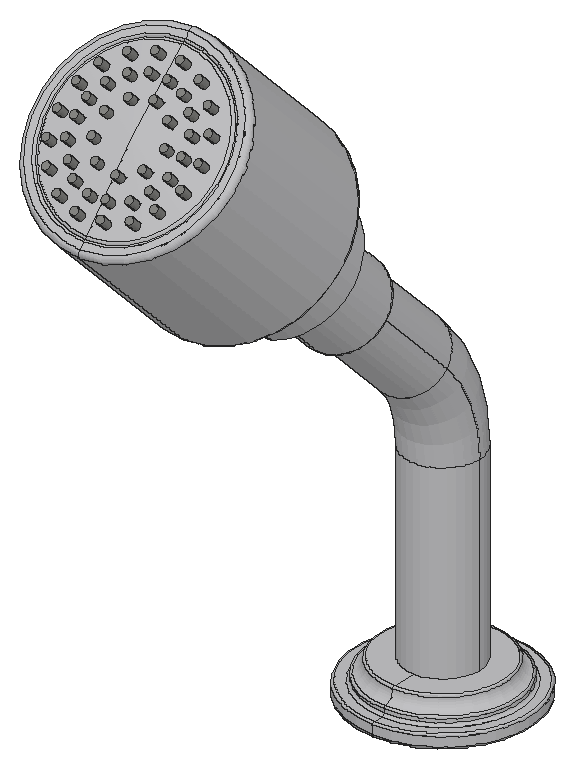
Revit family "Shower-Showerhead_Kit-KALLISTA-CENTRAL_PARK_WEST-P21386_1", category Plumbing Fixtures, host Face, Revit 2022
Family settings
  Host = Face
  Round Connector Dimension = Use Diameter
  Part Type = Normal
  OmniClass Number = 23.31.11.00
  OmniClass Title = Faucets
  Cut with Voids When Loaded = No
  Maintain Annotation Orientation = No
  Shared = No
  Room Calculation Point = No
Parameters (values of type "CP-Chrome")
  Width = 2.3622"  # constant formula
  WaterSense Certified = 1 = 1  # yes
  Waste Water Outlet = "Waste Water Outlet"  # constant formula
  Waste Connection = 1 = 0  # no
  Vent Connection = 1 = 0  # no
  URL = "https://www.kallista.com/"
  Type = 1
  Tempered Water Inlet = "Tempered Water Inlet"  # constant formula
  Product Page URL = "https://www.kallista.com/bathroom/showering/showerheads/central-park-west-showerhead-with-arm-p21386-00-cp"
  Product Name = "Centra Park West"  # constant formula
  Product Documentation Link = "https://resources.kohler.com/interiors/kallista/pdf/1377357-4.pdf"
  Pressure = 80.00 psi  # constant formula
  Model = if(Type = 1, " P21386-00-CP", if(Type = 2, " P21386-00-ULB", if(Type = 3, " P21386-00-SN", if(Type = 4, "P21386-00-BV", if(Type = 5, " P21386-00-BN", if(Type = 6, " P21386-00-BAF", "NA"))))))  # " P21386-00-CP"
  Material = "Premium Metal Construction"  # constant formula
  Master Format 2014 Name = "Residential Faucets, Supplies, and Trim"  # constant formula
  Master Format 2014 = "22 41 39"  # constant formula
  Manufacturer Address = "444 Highland Dr, Kohler, WI 53044"  # constant formula
  Manufacturer = "Kallista Co."  # constant formula
  Length = 7.71654"  # constant formula
  Hot Water Inlet = "Hot Water Inlet"  # constant formula
  Height = 4.44882"  # constant formula
  HW Connection = 1 = 1  # yes
  Flow Rate = 1.75 GPM  # constant formula
  Finish = Kallista-Metal-CP-Chrome
  Environmental Product Declaration = ""
  Drain Included = 1 = 0  # no
  Description = "Showerhead With Arm"  # constant formula
  Default Elevation = 72"
  Declare Label = ""
  Date Modified = "06/07/2022"  # constant formula
  Date Created = "06/07/2022"  # constant formula
  Copyright = "Copyright Kallista Co."  # constant formula
  Contact Us = "https://www.kallista.com/corporate/contact-us/"
  Cold Water Inlet = "Cold Water Inlet"  # constant formula
  CW Connection = 1 = 0  # no
  Assembly Code = "D2010"
  ADA Compliant = 1 = 0  # no
Types (7): name | Type | Product Page URL | Model | Finish
  (no name) | 1 | "https://www.kallista.com/bathroom/showering/showerheads/central-park-west-showerhead-with-arm-p21386-00-cp" | " P21386-00-CP" | Kallista-Metal-CP-Chrome
  CP-Chrome | 1 | "https://www.kallista.com/bathroom/showering/showerheads/central-park-west-showerhead-with-arm-p21386-00-cp" | " P21386-00-CP" | Kallista-Metal-CP-Chrome
  ULB-Unlaquered Brass | 2 | "https://www.kallista.com/bathroom/showering/showerheads/central-park-west-showerhead-with-arm-p21386-00-ulb" | " P21386-00-ULB" | Kallista-Metal-ULB-Unlaquered_Brass
  SN-Polished Nickel | 3 | "https://www.kallista.com/bathroom/showering/showerheads/central-park-west-showerhead-with-arm-p21386-00-sn" | " P21386-00-SN" | Kallista-Metal-SN-Polished_Nickel
  BV-Brushed Bronze | 4 | "https://www.kallista.com/bathroom/showering/showerheads/central-park-west-showerhead-with-arm-p21386-00-bv" | "P21386-00-BV" | Kallista-Metal-BV-Brushed_Bronze
  BN-Brushed Nickel | 5 | "https://www.kallista.com/bathroom/showering/showerheads/central-park-west-showerhead-with-arm-p21386-00-bv" | " P21386-00-BN" | Kallista-Metal-BN-Brushed_Nickel
  BAF-Brushed French Gold | 6 | "https://www.kallista.com/bathroom/showering/showerheads/central-park-west-showerhead-with-arm-p21386-00-bv" | " P21386-00-BAF" | Kallista-Metal-BAF-Brushed_French_Gold
Reference planes (in)
  plane 1 "Center (Front/Back)": y = 0
  plane 2: z = 0
  plane 3 "Center (Left/Right)": x = 0
  plane 4: x = 1.1811
  plane 5: x = -1.1811
  plane 6: y = 1.1811
  plane 7: y = -5.27559
  plane 8: z = 7.71654
  plane 9: through (0, -5.30006, 6.8933) normal (0, -0.7071, -0.7071)
  plane 10: through (0, -3.57103, 8.44925) normal (0, -0.7071, -0.7071)
  plane 11: y = -1.1811
  plane 12: through (0, -5.21352, 8.44925) normal (0, -0.7071, -0.7071)
  plane 13: z = 7.71654
  plane 14: z = 0.3937
  plane 15: y = -4.44882
  plane 16: y = 1.00394
  plane 17: x = 1.00394
  plane 18: x = -1.00394
  plane 19: y = -1.00394
  plane 20: z = 8.4252
Dimensions and locks (in)
  plane 9 to plane 10 = 2.32283"
  "Length": host face to plane 8
  "Length": plane 13 to plane 2
  "Height": plane 1 "Center (Front/Back)" to plane 15
  "Width": plane 5 to plane 4
  locked: plane 18 to plane 17 at 2.00787
  locked: plane 16 to plane 19 at 2.00787
  aligned and locked: plane 2 to host face
  aligned and locked: level to host face
  aligned and locked: plane 3 "Center (Left/Right)" to nested 1
  aligned and locked: plane 1 "Center (Front/Back)" to nested 1
Automatic sketch dimensions
  host sketch curve to host sketch curve = 96"  (x2)
Nested families (in)
  nested 1: "P21386" at (0, 0, 0), type "P21386"
Connectors (in)
  piping at (0, 0, 0), diameter 0.5, driven by "Flow Rate", driven by "Pressure", driven by "HW Connection", driven by "Tempered Water Inlet"
    settings: on nested 1, index 1, connector inside diameter 24", connector length 0", flow factor 0, pipe flow 1.75 GPM, pressure drop 80.00 psi, fitting loss kfactor 0, connector angle 0.00°, fixture units 0, engagement length 0", angle of deflection 0.00°, flow configuration 1, flow direction 1, fitting loss method 4, system type 19, joint type 0, gender type 0, connector reference index -1, connector utility 1, adjustable connector no, is connector primary yes, connector description "Tempered Water Inlet"
Definition of nested family "P21386"
  Parameters
    Material = none
    Default Elevation = 0"
  Reference planes (in)
    plane 1 "Center (Front/Back)": y = 0
    plane 2: z = 0
    plane 3 "Center (Left/Right)": x = 0
    plane 4: x = -1.1811
    plane 5: x = 1.1811
    plane 6: y = -1.1811
    plane 7: y = 1.1811
    plane 8: z = 8.4252
    plane 9: z = 0.3937
    plane 10: y = -5.27559
    plane 11: through (0, 0.28297, 2.95276) normal (0, 0.7071, 0.7071)
    plane 12: through (0, 1.10422, 3.774) normal (0, 0.7071, 0.7071)
    plane 13: through (0, -0.53827, 2.13151) normal (0, 0.7071, 0.7071)
    plane 14 "A": through (0, -3.56546, 8.46384) normal (0, -0.7071, 0.7071)
    plane 15: z = 7.71654
    plane 16: x = -1.00394
    plane 17: x = 1.00394
    plane 18: y = 1.00394
    plane 19: y = -1.00394
  Forms (in)
    Revolve 1, solid, material <- "Material", detail levels medium+fine
      sketch origin (0, 0, 0) x (0, 1, 0) y (0, 0, 1)
        loop
          line (-1.00394, 0.12548) -> (-1.00394, 0.01998)
          arc (-1.00394, 0.01998) -> (-0.99809, 0.00585) -> (-0.98396, 0) r 0.01998
          line (-0.98396, 0) -> (0, 0) -> (0, 0.3937) -> (-0.69606, 0.3937)
          arc (-0.69606, 0.3937) -> (-0.71103, 0.3875) -> (-0.71723, 0.37253) r 0.02117
          arc (-0.71723, 0.37253) -> (-0.74606, 0.28831) -> (-0.82044, 0.2394) r 0.13747
          arc (-0.82044, 0.2394) -> (-0.83328, 0.23096) -> (-0.83825, 0.21642) r 0.02373
          line (-0.83825, 0.21642) -> (-0.83825, 0.18051)
          arc (-0.83825, 0.18051) -> (-0.8478, 0.15746) -> (-0.87085, 0.14791) r 0.0326
          line (-0.87085, 0.14791) -> (-0.98151, 0.14791)
          arc (-0.98151, 0.14791) -> (-0.99737, 0.14134) -> (-1.00394, 0.12548) r 0.02243
        axis (0, 0.3937) -> (0, 0)
      angle from 0 to 360
    Sweep 2, solid, material <- "Material", detail levels medium+fine
      path origin (0, 0, 0) x (0, 1, 0) y (0, 0, 1)
        loop
          line (0, 0.3937) -> (0, 2.56712)
          arc (0, 2.56712) -> (-0.12287, 3.18483) -> (-0.47278, 3.70851) r 1.61417
          line (-0.47278, 3.70851) -> (-1.36456, 4.60029)
      profile origin (0, 0, 1.48041) x (0, -1, 0) y (1, 0, 0)
        loop
          circle (0, 0) r 0.42126
    Revolve 3, solid, material <- "Material", detail levels medium+fine
      sketch origin (0, 0, 0) x (0, 1, 0) y (0, 0, 1)
        loop
          line (-1.08368, 4.88116) -> (-1.11229, 4.90977) -> (-1.15115, 4.89935) -> (-1.14819, 4.93309)
          arc (-1.14819, 4.93309) -> (-1.15304, 4.95118) -> (-1.16838, 4.96192) r 0.02737
          line (-1.16838, 4.96192) -> (-1.20681, 4.99171) -> (-1.4814, 4.71713) -> (-1.42278, 4.65851) -> (-1.36456, 4.60029) -> (-1.08368, 4.88116)
        axis (-1.4814, 4.71713) -> (-1.36456, 4.60029)
      angle from 0 to 360
    Revolve 4, solid, material <- "Material", detail levels medium+fine
      sketch origin (0, 0, 0) x (0, 1, 0) y (0, 0, 1)
        loop
          line (-1.08895, 5.01291) -> (-1.64503, 5.56898)
          arc (-1.64503, 5.56898) -> (-1.73072, 5.61135) -> (-1.82454, 5.59301) r 0.14918
          arc (-1.82454, 5.59301) -> (-1.91816, 5.59575) -> (-1.95843, 5.68031) r 0.08981
          arc (-1.95843, 5.68031) -> (-1.97272, 5.83223) -> (-2.04444, 5.96692) r 0.38836
          line (-2.04444, 5.96692) -> (-1.97542, 6.03594) -> (-1.93433, 5.99485) -> (-1.93433, 5.92785) -> (-1.95931, 5.90287) -> (-1.88404, 5.83971) -> (-1.7016, 6.02215) -> (-2.24565, 6.56621)
          arc (-2.24565, 6.56621) -> (-2.2603, 6.57227) -> (-2.27494, 6.56621) r 0.02071
          line (-2.27494, 6.56621) -> (-2.3541, 6.48706) -> (-2.4164, 6.54935) -> (-2.06312, 6.90263)
          arc (-2.06312, 6.90263) -> (-2.0551, 6.92198) -> (-2.06312, 6.94134) r 0.02737
          line (-2.06312, 6.94134) -> (-3.55223, 8.43045)
          arc (-3.55223, 8.43045) -> (-3.5976, 8.44925) -> (-3.64297, 8.43045) r 0.06416
          line (-3.64297, 8.43045) -> (-3.69836, 8.37506)
          arc (-3.69836, 8.37506) -> (-3.70622, 8.3616) -> (-3.70643, 8.34602) r 0.03062
          arc (-3.70643, 8.34602) -> (-3.72396, 8.34395) -> (-3.73889, 8.33453) r 0.03999
          arc (-3.73889, 8.33453) -> (-4.1176, 8.02792) -> (-4.46963, 7.69101) r 5.87993
          line (-4.46963, 7.69101) -> (-1.49371, 4.71508) -> (-1.19384, 5.01495) -> (-1.13991, 4.96102)
          arc (-1.13991, 4.96102) -> (-1.12541, 4.95502) -> (-1.11091, 4.96102) r 0.0205
          line (-1.11091, 4.96102) -> (-1.08895, 4.98298)
          arc (-1.08895, 4.98298) -> (-1.08276, 4.99794) -> (-1.08895, 5.01291) r 0.02116
        axis (-1.42528, 4.64666) -> (-4.46963, 7.69101)
      angle from 0 to 360
    Extrusion 5, void
      sketch origin (0, 0, 0) x (0, 1, 0) y (0, 0, 1)
        loop
          line (-1.21061, 5.09642) -> (-1.1235, 5.09642) -> (-1.58856, 5.59513)
          arc (-1.58856, 5.59513) -> (-1.65753, 5.59513) -> (-1.65753, 5.52615) r 0.04877
          line (-1.65753, 5.52615) -> (-1.23995, 5.10857)
          arc (-1.23995, 5.10857) -> (-1.22649, 5.09958) -> (-1.21061, 5.09642) r 0.04149
      from -0.21774 to 0.22126
    Sweep 6, void
      path origin (0, -6.01465, 6.01465) x (0, 0.707107, 0.707107) y (-1, 0, 0)
        loop
          circle (3.08857, 0.14275) r 0.08232
      profile origin (-0.22507, -3.8307, 8.1986) x (1, 0, 0) y (0, -0.707107, 0.707107)
        loop
          line (0, 0) -> (-0.0309, 0)
          arc (-0.0309, 0) -> (-0.00779, -0.01057) -> (0, -0.03476) r 0.0315
          line (0, -0.03476) -> (0, 0)
    Extrusion 7, solid, material <- "Material", detail levels medium+fine
      sketch origin (0, 0, 0) x (1, 0, 0) y (0, 1, 0)
        loop
          circle (0, 0) r 0.11678
      from 0 to 0.06553
    Revolve 8, solid, material <- "Material", detail levels coarse
      sketch origin (0, 0, 0) x (0, 1, 0) y (0, 0, 1)
        loop
          line (0, 0) -> (0, 0.3937) -> (-1.00394, 0.3937) -> (-1.00394, 0) -> (0, 0)
        axis (0, 0.3937) -> (0, 0)
      angle from 0 to 360
    Sweep 9, solid, material <- "Material", detail levels coarse
      path origin (0, 0, 0) x (0, 1, 0) y (0, 0, 1)
        loop
          line (-1.4181, 4.65383) -> (-0.46125, 3.69698)
          arc (-0.46125, 3.69698) -> (-0.11987, 3.18607) -> (0, 2.58342) r 1.5748
          line (0, 2.58342) -> (0, 0.39367)
      profile origin (0, 0, 1.48855) x (1, 0, 0) y (0, 1, 0)
        loop
          circle (0, 0) r 0.42126
    Revolve 10, solid, material <- "Material", detail levels coarse
      sketch origin (0, 0, 0) x (0, 1, 0) y (0, 0, 1)
        loop
          line (-1.4181, 4.65383) -> (-4.47472, 7.71045) -> (-5.30827, 6.8769) -> (-3.69946, 5.26809) -> (-3.42107, 5.54648) -> (-2.79917, 4.92458) -> (-2.59988, 5.12388) -> (-1.77397, 4.29797) -> (-1.4181, 4.65383)
        axis (-1.4181, 4.65383) -> (-4.47472, 7.71045)
      angle from 0 to 360
    Extrusion 11, solid, detail levels medium+fine
      sketch origin (-0.24348, -5.94112, 6.08818) x (0, 0.707107, 0.707107) y (-1, 0, 0)
        loop
          circle (2.55736, -0.31715) r 0.04452
        loop
          circle (2.43281, -0.54557) r 0.04452
        loop
          circle (2.1812, -0.65058) r 0.04452
        loop
          circle (1.92838, -0.54626) r 0.04452
        loop
          circle (1.7967, -0.3105) r 0.04452
        loop
          circle (1.8456, -0.04546) r 0.04452
        loop
          circle (2.04932, 0.10948) r 0.04452
        loop
          circle (2.30793, 0.10948) r 0.04452
        loop
          circle (2.49636, -0.05895) r 0.04452
        loop
          circle (2.77559, -0.3484) r 0.04452
        loop
          circle (2.70666, -0.54861) r 0.04452
        loop
          circle (2.56761, -0.71143) r 0.04452
        loop
          circle (2.38483, -0.82425) r 0.04452
        loop
          circle (2.16799, -0.85515) r 0.04452
        loop
          circle (1.94943, -0.82175) r 0.04452
        loop
          circle (1.77171, -0.7092) r 0.04452
        loop
          circle (1.62264, -0.56961) r 0.04452
        loop
          circle (1.55447, -0.3317) r 0.04452
        loop
          circle (1.54571, -0.12361) r 0.04452
        loop
          circle (1.6242, 0.08547) r 0.04452
        loop
          circle (1.76662, 0.22161) r 0.04452
        loop
          circle (1.95175, 0.35587) r 0.04452
        loop
          circle (2.16973, 0.37494) r 0.04452
        loop
          circle (2.36464, 0.34662) r 0.04452
        loop
          circle (2.55657, 0.23703) r 0.04452
        loop
          circle (2.70144, 0.06827) r 0.04452
        loop
          circle (2.77955, -0.13521) r 0.04452
        loop
          circle (2.98191, -0.38379) r 0.04452
        loop
          circle (2.87958, -0.65039) r 0.04452
        loop
          circle (2.69414, -0.86222) r 0.04452
        loop
          circle (2.45216, -1.00922) r 0.04452
        loop
          circle (2.16799, -1.052) r 0.04452
        loop
          circle (1.8821, -1.00672) r 0.04452
        loop
          circle (1.63251, -0.84839) r 0.04452
        loop
          circle (1.45216, -0.66804) r 0.04452
        loop
          circle (1.36433, -0.38265) r 0.04452
        loop
          circle (1.35185, -0.08942) r 0.04452
        loop
          circle (1.44579, 0.16866) r 0.04452
        loop
          circle (1.64136, 0.40051) r 0.04452
        loop
          circle (1.88442, 0.54085) r 0.04452
        loop
          circle (2.16973, 0.57179) r 0.04452
        loop
          circle (2.46422, 0.51986) r 0.04452
        loop
          circle (2.69718, 0.39431) r 0.04452
        loop
          circle (2.88287, 0.17302) r 0.04452
        loop
          circle (2.98191, -0.09562) r 0.04452
      from 0 to 0.1621
    Extrusion 12, void
      sketch origin (0, 0, 0) x (0, 1, 0) y (0, 0, 1)
        loop
          line (-1.67779, 6.04596) -> (-1.85457, 6.22274) -> (-1.90648, 6.17082) -> (-1.72971, 5.99405) -> (-1.67779, 6.04596)
        loop
          line (-2.82458, 4.89917) -> (-2.77267, 4.95109) -> (-2.94944, 5.12786) -> (-3.00136, 5.07595) -> (-2.82458, 4.89917)
      from -1.38056 to 1.34254
  Cuts and joins
    Extrusion 5, Sweep 6, Extrusion 12 cuts Revolve 4
  Lines and regions (in)
    Masking region 1
      outline origin (0, 0, 0) x (1, 0, 0) y (0, 1, 0)
        loop
          arc (0.42125, -0.91129) -> (0, 1.00394) -> (-0.42125, -0.91129) r 1.00394
          line (-0.42125, -0.91129) -> (-0.42125, -1.24808)
          arc (-0.42125, -1.24808) -> (-0.47262, -1.32632) -> (-0.49681, -1.41674) r 0.29413
          line (-0.49681, -1.41674) -> (-0.49681, -1.84036)
          arc (-0.49681, -1.84036) -> (-0.69221, -2.01117) -> (-0.77739, -2.25633) r 0.50662
          arc (-0.77739, -2.25633) -> (-1.05231, -2.50631) -> (-1.1811, -2.85486) r 0.78335
          line (-1.1811, -2.85486) -> (-1.1811, -4.48819)
          spline (-1.1811, -4.48819) -> (-1.14086, -4.69198) -> (-1.02286, -4.88189) -> (-0.83517, -5.04497) -> (-0.59055, -5.1701) -> (-0.30569, -5.24876) -> (0, -5.27559) -> (0.30569, -5.24876) -> (0.59055, -5.1701) -> (0.83517, -5.04497) -> (1.02286, -4.88189) -> (1.14086, -4.69198) -> (1.1811, -4.48819)
          line (1.1811, -4.48819) -> (1.1811, -2.85486)
          arc (1.1811, -2.85486) -> (1.05231, -2.50631) -> (0.77739, -2.25633) r 0.78335
          arc (0.77739, -2.25633) -> (0.69221, -2.01117) -> (0.49681, -1.84036) r 0.50662
          line (0.49681, -1.84036) -> (0.49681, -1.41674)
          arc (0.49681, -1.41674) -> (0.47262, -1.32632) -> (0.42125, -1.24808) r 0.29413
          line (0.42125, -1.24808) -> (0.42125, -0.91129)
    Masking region 2
      outline origin (0, 0, 0) x (1, 0, 0) y (0, 0, 1)
        loop
          arc (0.98396, 0) -> (0.99809, 0.00585) -> (1.00394, 0.01998) r 0.01998
          line (1.00394, 0.01998) -> (1.00394, 0.12548)
          arc (1.00394, 0.12548) -> (0.99737, 0.14134) -> (0.98151, 0.14791) r 0.02243
          line (0.98151, 0.14791) -> (0.8707, 0.14791)
          arc (0.8707, 0.14791) -> (0.84765, 0.15746) -> (0.8381, 0.18051) r 0.0326
          line (0.8381, 0.18051) -> (0.8381, 0.21642)
          arc (0.8381, 0.21642) -> (0.83312, 0.23096) -> (0.82028, 0.2394) r 0.02373
          arc (0.82028, 0.2394) -> (0.7459, 0.28831) -> (0.71708, 0.37253) r 0.13747
          arc (0.71708, 0.37253) -> (0.71088, 0.3875) -> (0.69591, 0.3937) r 0.02117
          line (0.69591, 0.3937) -> (0.42126, 0.3937) -> (0.42126, 4.47139)
          arc (0.42126, 4.47139) -> (0.47555, 4.55824) -> (0.49682, 4.65842) r 0.2946
          line (0.49682, 4.65842) -> (0.49682, 5.06502)
          arc (0.49682, 5.06502) -> (0.69427, 5.23077) -> (0.77399, 5.47593) r 0.46801
          arc (0.77399, 5.47593) -> (1.04267, 5.72104) -> (1.1811, 6.05735) r 0.83188
          line (1.1811, 6.05735) -> (1.1811, 7.6378)
          spline (1.1811, 7.6378) -> (1.14086, 7.84159) -> (1.02286, 8.0315) -> (0.83517, 8.19457) -> (0.59055, 8.31971) -> (0.30569, 8.39837) -> (0, 8.4252) -> (-0.30569, 8.39837) -> (-0.59055, 8.31971) -> (-0.83517, 8.19457) -> (-1.02286, 8.0315) -> (-1.14086, 7.84159) -> (-1.1811, 7.6378)
          line (-1.1811, 7.6378) -> (-1.1811, 6.05735)
          arc (-1.1811, 6.05735) -> (-1.04267, 5.72104) -> (-0.77399, 5.47593) r 0.83188
          arc (-0.77399, 5.47593) -> (-0.69427, 5.23077) -> (-0.49682, 5.06502) r 0.46801
          line (-0.49682, 5.06502) -> (-0.49682, 4.65842)
          arc (-0.49682, 4.65842) -> (-0.47555, 4.55824) -> (-0.42126, 4.47139) r 0.2946
          line (-0.42126, 4.47139) -> (-0.42126, 0.3937) -> (-0.69591, 0.3937)
          arc (-0.69591, 0.3937) -> (-0.71088, 0.3875) -> (-0.71708, 0.37253) r 0.02117
          arc (-0.71708, 0.37253) -> (-0.7459, 0.28831) -> (-0.82028, 0.2394) r 0.13747
          arc (-0.82028, 0.2394) -> (-0.83312, 0.23096) -> (-0.8381, 0.21642) r 0.02373
          line (-0.8381, 0.21642) -> (-0.8381, 0.18051)
          arc (-0.8381, 0.18051) -> (-0.84765, 0.15746) -> (-0.8707, 0.14791) r 0.0326
          line (-0.8707, 0.14791) -> (-0.98151, 0.14791)
          arc (-0.98151, 0.14791) -> (-0.99737, 0.14134) -> (-1.00394, 0.12548) r 0.02243
          line (-1.00394, 0.12548) -> (-1.00394, 0.01998)
          arc (-1.00394, 0.01998) -> (-0.99809, 0.00585) -> (-0.98396, 0) r 0.01998
          line (-0.98396, 0) -> (0.01998, 0) -> (0.98396, 0)
    Masking region 3
      outline origin (0, 0, 0) x (0, 1, 0) y (0, 0, 1)
        loop
          line (-1.00394, 0.12548) -> (-1.00394, 0.01998)
          arc (-1.00394, 0.01998) -> (-0.99809, 0.00585) -> (-0.98396, 0) r 0.01998
          line (-0.98396, 0) -> (0, 0) -> (0.98396, 0)
          arc (0.98396, 0) -> (0.99809, 0.00585) -> (1.00394, 0.01998) r 0.01998
          line (1.00394, 0.01998) -> (1.00394, 0.12548)
          arc (1.00394, 0.12548) -> (0.99737, 0.14134) -> (0.98151, 0.14791) r 0.02243
          line (0.98151, 0.14791) -> (0.87085, 0.14791)
          arc (0.87085, 0.14791) -> (0.8478, 0.15746) -> (0.83825, 0.18051) r 0.0326
          line (0.83825, 0.18051) -> (0.83825, 0.21642)
          arc (0.83825, 0.21642) -> (0.83328, 0.23096) -> (0.82044, 0.2394) r 0.02373
          arc (0.82044, 0.2394) -> (0.74606, 0.28831) -> (0.71723, 0.37253) r 0.13747
          arc (0.71723, 0.37253) -> (0.71103, 0.3875) -> (0.69606, 0.3937) r 0.02117
          line (0.69606, 0.3937) -> (0.42431, 0.3937) -> (0.42431, 2.57411)
          arc (0.42431, 2.57411) -> (0.26885, 3.34994) -> (-0.17355, 4.00598) r 2.01359
          line (-0.17355, 4.00598) -> (-1.06621, 4.89864) -> (-1.08871, 4.87613) -> (-1.12017, 4.9076) -> (-1.15128, 4.89926) -> (-1.13903, 4.9329) -> (-1.08895, 4.98298)
          arc (-1.08895, 4.98298) -> (-1.08276, 4.99794) -> (-1.08895, 5.01291) r 0.02116
          line (-1.08895, 5.01291) -> (-1.64503, 5.56898)
          arc (-1.64503, 5.56898) -> (-1.73072, 5.61135) -> (-1.82454, 5.59301) r 0.14918
          arc (-1.82454, 5.59301) -> (-1.91816, 5.59575) -> (-1.95843, 5.68031) r 0.08981
          arc (-1.95843, 5.68031) -> (-1.95634, 5.72261) -> (-1.95887, 5.76488) r 0.38836
          line (-1.95887, 5.76488) -> (-1.72971, 5.99405) -> (-1.90648, 6.17082) -> (-1.87837, 6.19893) -> (-2.24565, 6.56621)
          arc (-2.24565, 6.56621) -> (-2.2603, 6.57227) -> (-2.27494, 6.56621) r 0.02071
          line (-2.27494, 6.56621) -> (-2.3541, 6.48706) -> (-2.4164, 6.54935) -> (-2.06312, 6.90263)
          arc (-2.06312, 6.90263) -> (-2.0551, 6.92198) -> (-2.06312, 6.94134) r 0.02737
          line (-2.06312, 6.94134) -> (-3.52737, 8.40559)
          arc (-3.52737, 8.40559) -> (-3.57554, 8.42554) -> (-3.62371, 8.40559) r 0.06812
          line (-3.62371, 8.40559) -> (-3.78556, 8.24374)
          arc (-3.78556, 8.24374) -> (-4.48379, 7.69652) -> (-5.03101, 6.99829) r 3.68512
          line (-5.03101, 6.99829) -> (-5.17266, 6.85664)
          arc (-5.17266, 6.85664) -> (-5.19146, 6.81127) -> (-5.17266, 6.7659) r 0.06416
          line (-5.17266, 6.7659) -> (-3.70561, 5.29884)
          arc (-3.70561, 5.29884) -> (-3.68626, 5.29083) -> (-3.6669, 5.29884) r 0.02737
          line (-3.6669, 5.29884) -> (-3.31363, 5.65212) -> (-3.25133, 5.58982) -> (-3.3461, 5.49505)
          arc (-3.3461, 5.49505) -> (-3.35217, 5.4804) -> (-3.3461, 5.46575) r 0.02071
          line (-3.3461, 5.46575) -> (-2.97883, 5.09848) -> (-2.94944, 5.12786) -> (-2.77267, 4.95109) -> (-2.52916, 5.1946)
          arc (-2.52916, 5.1946) -> (-2.48688, 5.19207) -> (-2.44458, 5.19416) r 0.38836
          arc (-2.44458, 5.19416) -> (-2.36002, 5.15389) -> (-2.35728, 5.06026) r 0.08981
          arc (-2.35728, 5.06026) -> (-2.37563, 4.96645) -> (-2.33325, 4.88075) r 0.14918
          line (-2.33325, 4.88075) -> (-1.77718, 4.32468)
          arc (-1.77718, 4.32468) -> (-1.76222, 4.31848) -> (-1.74725, 4.32468) r 0.02116
          line (-1.74725, 4.32468) -> (-1.69717, 4.37476) -> (-1.66353, 4.38701) -> (-1.67187, 4.3559) -> (-1.64041, 4.32444) -> (-1.66291, 4.30194) -> (-0.77025, 3.40927)
          arc (-0.77025, 3.40927) -> (-0.51422, 3.0261) -> (-0.42431, 2.57411) r 1.1811
          line (-0.42431, 2.57411) -> (-0.42431, 0.3937) -> (-0.69606, 0.3937)
          arc (-0.69606, 0.3937) -> (-0.71103, 0.3875) -> (-0.71723, 0.37253) r 0.02117
          arc (-0.71723, 0.37253) -> (-0.74606, 0.28831) -> (-0.82044, 0.2394) r 0.13747
          arc (-0.82044, 0.2394) -> (-0.83328, 0.23096) -> (-0.83825, 0.21642) r 0.02373
          line (-0.83825, 0.21642) -> (-0.83825, 0.18051)
          arc (-0.83825, 0.18051) -> (-0.8478, 0.15746) -> (-0.87085, 0.14791) r 0.0326
          line (-0.87085, 0.14791) -> (-0.98151, 0.14791)
          arc (-0.98151, 0.14791) -> (-0.99737, 0.14134) -> (-1.00394, 0.12548) r 0.02243
    symbolic lines, detail levels medium+fine
      curve 1: line (0.42126, 0, 0) -> (0.42126, -0.07674, 0)
      curve 2: line (-0.42126, 0, 0) -> (-0.42126, -0.78761, 0)
      curve 3: arc (0.42126, -0.07674, 0) -> (0, 0.42819, 0) -> (-0.42126, -0.07674, 0) r 0.42819
      curve 4: line (0.42126, -0.07674, 0) -> (0.42126, -0.78761, 0)
      curve 5: arc (0.42126, 0, 0) -> (0, 0.42126, 0) -> (-0.42126, 0, 0) r 0.42126
      curve 6: line (-0.42126, -0.78761, 0) -> (-0.42126, -1.1811, 0)
      curve 7: line (0.42126, -0.78761, 0) -> (0.42126, -0.79585, 0)
      curve 8: line (0.42126, -0.79585, 0) -> (0.42126, -1.1811, 0)
      curve 9: arc (-0.42125, -1.24808, 0) -> (0, -1.06443, 0) -> (0.42125, -1.24808, 0) r 0.57493
      curve 10: line (-0.19325, -1.65753, 0) -> (-0.19325, -1.23921, 0)
      curve 11: line (0.19325, -1.23912, 0) -> (0.19325, -1.65753, 0)
      curve 12: arc (-0.16148, -1.21061, 0) -> (-0.08292, -1.18232, 0) -> (0, -1.17247, 0) r 0.36787
      curve 13: spline (-0.19325, -1.23921, 0) -> (-0.19197, -1.2363, 0) -> (-0.19037, -1.23341, 0) -> (-0.18848, -1.23056, 0) -> (-0.1863, -1.22778, 0) -> (-0.18385, -1.22511, 0) -> (-0.18116, -1.22255, 0) -> (-0.17825, -1.22014, 0) -> (-0.17515, -1.2179, 0) -> (-0.17189, -1.21584, 0) -> (-0.16849, -1.21399, 0) -> (-0.16499, -1.21236, 0) -> (-0.16142, -1.21097, 0)
      curve 14: arc (0, -1.17247, 0) -> (0.08292, -1.18232, 0) -> (0.16148, -1.21061, 0) r 0.36787
      curve 15: spline (0.16141, -1.21098, 0) -> (0.16503, -1.21228, 0) -> (0.16856, -1.21382, 0) -> (0.17199, -1.21561, 0) -> (0.17527, -1.21761, 0) -> (0.17839, -1.21982, 0) -> (0.1813, -1.22221, 0) -> (0.18398, -1.22477, 0) -> (0.18642, -1.22746, 0) -> (0.18858, -1.23027, 0) -> (0.19045, -1.23317, 0) -> (0.19201, -1.23613, 0) -> (0.19325, -1.23912, 0)
      curve 16: arc (-0.49681, -1.84036, 0) -> (-0.47754, -1.82974, 0) -> (-0.45803, -1.81955, 0) r 1.00969
      curve 17: arc (-0.77739, -2.25633, 0) -> (0, -2.04439, 0) -> (0.77739, -2.25633, 0) r 1.53166
      curve 18: arc (-0.19325, -1.65753, 0) -> (-0.14306, -1.69072, 0) -> (-0.08736, -1.71347, 0) r 0.30629
      curve 19: line (-0.19325, -1.23921, 0) -> (0.19275, -1.23921, 0)
      curve 20: arc (-0.429, -1.80535, 0) -> (-0.32053, -1.71387, 0) -> (-0.19325, -1.65117, 0) r 0.58563
      curve 21: arc (0.08736, -1.71347, 0) -> (0.14306, -1.69072, 0) -> (0.19325, -1.65753, 0) r 0.30629
      curve 22: line (-0.45918, -1.82013, 0) -> (-0.45918, -1.95167, 0)
      curve 23: line (0.06998, -1.85837, 0) -> (0.06998, -1.71211, 0)
      curve 24: arc (-0.45918, -1.95167, 0) -> (-0.19765, -1.88774, 0) -> (0.06998, -1.85837, 0) r 2.0656
      curve 25: arc (-0.11493, -1.71624, 0) -> (0.20077, -1.72984, 0) -> (0.49681, -1.84036, 0) r 1.00969
      curve 26: arc (-0.45918, -1.82013, 0) -> (-0.29172, -1.75274, 0) -> (-0.11493, -1.71624, 0) r 1.00969
      curve 27: arc (0.19325, -1.65117, 0) -> (0.32053, -1.71387, 0) -> (0.429, -1.80535, 0) r 0.58563
      curve 28: spline (0, -3.70079, 0) -> (-0.30569, -3.72762, 0) -> (-0.59055, -3.80628, 0) -> (-0.83517, -3.93141, 0) -> (-1.02286, -4.09449, 0) -> (-1.14086, -4.28439, 0) -> (-1.1811, -4.48819, 0) -> (-1.14086, -4.69198, 0) -> (-1.02286, -4.88189, 0) -> (-0.83517, -5.04497, 0) -> (-0.59055, -5.1701, 0) -> (-0.30569, -5.24876, 0) -> (0, -5.27559, 0) -> (0.30569, -5.24876, 0) -> (0.59055, -5.1701, 0) -> (0.83517, -5.04497, 0) -> (1.02286, -4.88189, 0) -> (1.14086, -4.69198, 0) -> (1.1811, -4.48819, 0) -> (1.14086, -4.28439, 0) -> (1.02286, -4.09449, 0) -> (0.83517, -3.93141, 0) -> (0.59055, -3.80628, 0) -> (0.30569, -3.72762, 0) -> (0, -3.70079, 0)
      curve 29: line (0, -3.74016, 0) -> (0, -5.23622, 0)
      curve 30: line (0, -5.23622, 0) -> (0, -3.74016, 0)
      curve 31: line (0, -3.83858, 0) -> (0, -5.1378, 0)
      curve 32: line (0, -5.1378, 0) -> (0, -3.83858, 0)
      curve 33: line (0, -3.87795, 0) -> (0, -5.09843, 0)
      curve 34: line (0, -5.09843, 0) -> (0, -3.87795, 0)
      curve 35: line (0, -3.91732, 0) -> (0, -5.05906, 0)
      curve 36: line (0, -5.05906, 0) -> (0, -3.91732, 0)
      curve 37: circle (0.30512, -4.04001, 0) r 0.06299 normal (0, 0, 1)
      curve 38: circle (0.4756, -4.12671, 0) r 0.06299 normal (0, 0, 1)
      curve 39: circle (0.62421, -4.23176, 0) r 0.06299 normal (0, 0, 1)
      curve 40: circle (0.7101, -4.40407, 0) r 0.06299 normal (0, 0, 1)
      curve 41: circle (0.7013, -4.61236, 0) r 0.06299 normal (0, 0, 1)
      curve 42: circle (0.61335, -4.79873, 0) r 0.06299 normal (0, 0, 1)
      curve 43: circle (0.4279, -4.87739, 0) r 0.06299 normal (0, 0, 1)
      curve 44: circle (0.21125, -4.93632, 0) r 0.06299 normal (0, 0, 1)
      curve 45: circle (0.11479, -4.00414, 0) r 0.06299 normal (0, 0, 1)
      curve 46: circle (0.01083, -4.94694, 0) r 0.06299 normal (0, 0, 1)
      curve 47: circle (0.20829, -4.73255, 0) r 0.06299 normal (0, 0, 1)
      curve 48: circle (0.41605, -4.68012, 0) r 0.06299 normal (0, 0, 1)
      curve 49: circle (0.52737, -4.51987, 0) r 0.06299 normal (0, 0, 1)
      curve 50: circle (0.46403, -4.33479, 0) r 0.06299 normal (0, 0, 1)
      curve 51: circle (0.31715, -4.23558, 0) r 0.06299 normal (0, 0, 1)
      curve 52: circle (0.12308, -4.1705, 0) r 0.06299 normal (0, 0, 1)
      curve 53: circle (-0.30512, -4.04001, 0) r 0.06299 normal (0, 0, -1)
      curve 54: circle (-0.4756, -4.12671, 0) r 0.06299 normal (0, 0, -1)
      curve 55: circle (-0.62421, -4.23176, 0) r 0.06299 normal (0, 0, -1)
      curve 56: circle (-0.7101, -4.40407, 0) r 0.06299 normal (0, 0, -1)
      curve 57: circle (-0.70129, -4.61236, 0) r 0.06299 normal (0, 0, -1)
      curve 58: circle (-0.61335, -4.79873, 0) r 0.06299 normal (0, 0, -1)
      curve 59: circle (-0.4279, -4.87739, 0) r 0.06299 normal (0, 0, -1)
      curve 60: circle (-0.21125, -4.93632, 0) r 0.06299 normal (0, 0, -1)
      curve 61: circle (-0.11479, -4.00414, 0) r 0.06299 normal (0, 0, -1)
      curve 62: circle (-0.20829, -4.73255, 0) r 0.06299 normal (0, 0, -1)
      curve 63: circle (-0.41605, -4.68012, 0) r 0.06299 normal (0, 0, -1)
      curve 64: circle (-0.50277, -4.51987, 0) r 0.06299 normal (0, 0, -1)
      curve 65: circle (-0.43943, -4.33479, 0) r 0.06299 normal (0, 0, -1)
      curve 66: circle (-0.29254, -4.23558, 0) r 0.06299 normal (0, 0, -1)
      curve 67: circle (-0.09847, -4.1705, 0) r 0.06299 normal (0, 0, -1)
      curve 68: circle (0.00976, -4.73255, 0) r 0.06299 normal (0, 0, 1)
      curve 69: line (0, 0.42126, 0.3937) -> (0, -0.42431, 0.3937)
      curve 70: line (0, -1.06668, 4.89816) -> (0, -1.66243, 4.30241)
      curve 71: line (0, -1.67404, 4.34802) -> (0, -1.11229, 4.90977)
      curve 72: line (0, -1.66363, 4.38687) -> (0, -1.15115, 4.89935)
      curve 73: line (0, -1.13903, 4.9329) -> (0, -1.69717, 4.37476)
      curve 74: line (0, -1.66452, 5.58505) -> (0, -2.34953, 4.90005)
      curve 75: line (0, -1.86911, 5.58117) -> (0, -2.34544, 5.10483)
      curve 76: line (0, -1.95843, 5.68031) -> (0, -2.44458, 5.19416)
      curve 77: line (0, -1.95887, 5.76488) -> (0, -2.52916, 5.1946)
      curve 78: line (0, -2.3541, 6.48706) -> (0, -3.25133, 5.58982)
      curve 79: line (0, -2.4164, 6.54935) -> (0, -3.31363, 5.65212)
      curve 80: line (0, -2.10089, 6.97911) -> (0, -3.74338, 5.33661)
      curve 81: line (0, -3.52737, 8.40559) -> (0, -5.16978, 6.76319)
      curve 82: arc (0, -3.78556, 8.24374) -> (0, -4.47863, 7.70081) -> (0, -5.02156, 7.00774) r 3.65052
      curve 83: line (0, -3.78556, 8.24374) -> (0, -5.02156, 7.00774)
      curve 84: line (0, -3.98888, 8.04042) -> (0, -4.03042, 8.08197)
      curve 85: line (0, -4.04507, 7.98423) -> (0, -4.09513, 8.03429)
      curve 86: line (0, -4.08804, 7.94126) -> (0, -4.14376, 7.99697)
      curve 87: line (0, -4.14372, 7.88558) -> (0, -4.20568, 7.94754)
      curve 88: line (0, -3.96505, 8.12796) -> (0, -3.9332, 8.0961)
      curve 89: line (0, -4.1994, 7.8299) -> (0, -4.26638, 7.89689)
      curve 90: line (0, -4.25508, 7.77422) -> (0, -4.32587, 7.84502)
      curve 91: line (0, -4.31075, 7.71855) -> (0, -4.38416, 7.79195)
      curve 92: line (0, -4.36643, 7.66287) -> (0, -4.44123, 7.73767)
      curve 93: line (0, -4.42211, 7.60719) -> (0, -4.49711, 7.68219)
      curve 94: line (0, -4.47779, 7.55151) -> (0, -4.55179, 7.62552)
      curve 95: line (0, -4.53346, 7.49583) -> (0, -4.60526, 7.56764)
      curve 96: line (0, -4.58914, 7.44016) -> (0, -4.65753, 7.50855)
      curve 97: line (0, -4.64482, 7.38448) -> (0, -4.70859, 7.44825)
      curve 98: line (0, -4.7005, 7.3288) -> (0, -4.75843, 7.38674)
      curve 99: line (0, -4.75617, 7.27312) -> (0, -4.80705, 7.324)
      curve 100: line (0, -4.81185, 7.21745) -> (0, -4.86757, 7.27316)
      curve 101: line (0, -4.86753, 7.16177) -> (0, -4.90056, 7.1948)
      curve 102: line (0, -4.92321, 7.10609) -> (0, -4.94543, 7.12832)
      curve 103: line (0, -4.85443, 7.26002) -> (0, -4.81185, 7.21745)
      curve 104: spline (0.42126, 0, 4.65383) -> (0.40691, 0, 4.73093) -> (0.36482, 0, 4.80277) -> (0.29788, 0, 4.86446) -> (0.21063, 0, 4.9118) -> (0.10903, 0, 4.94156) -> (0, 0, 4.95171) -> (-0.10903, 0, 4.94156) -> (-0.21063, 0, 4.9118) -> (-0.29788, 0, 4.86446) -> (-0.36482, 0, 4.80277) -> (-0.40691, 0, 4.73093) -> (-0.42126, 0, 4.65383)
      curve 105: arc (0.22681, 0, 4.9593) -> (0.11546, 0, 4.99172) -> (0, 0, 5.00265) r 0.61509
      curve 106: arc (0.38192, 0, 4.85934) -> (0.30925, 0, 4.9169) -> (0.22681, 0, 4.9593) r 0.47665
      curve 107: arc (0.47039, 0, 4.72147) -> (0.43423, 0, 4.79558) -> (0.38192, 0, 4.85934) r 0.35467
      curve 108: arc (0.45431, 0, 4.52155) -> (0.48354, 0, 4.61981) -> (0.47039, 0, 4.72147) r 0.24719
      curve 109: line (0.19325, 0, 5.10785) -> (0.19325, 0, 5.51391)
      curve 110: spline (0.16434, 0, 5.09642) -> (0.16766, 0, 5.09622) -> (0.17089, 0, 5.09624) -> (0.174, 0, 5.09648) -> (0.17697, 0, 5.09695) -> (0.17979, 0, 5.09763) -> (0.18241, 0, 5.09852) -> (0.18483, 0, 5.09962) -> (0.18703, 0, 5.10092) -> (0.18898, 0, 5.1024) -> (0.19068, 0, 5.10406) -> (0.1921, 0, 5.10588) -> (0.19325, 0, 5.10785)
      curve 111: line (-0.16383, 0, 5.09642) -> (0.16434, 0, 5.09642)
      curve 112: spline (-0.19325, 0, 5.10784) -> (-0.19205, 0, 5.10576) -> (-0.19057, 0, 5.10384) -> (-0.18882, 0, 5.1021) -> (-0.18681, 0, 5.10056) -> (-0.18456, 0, 5.09923) -> (-0.18209, 0, 5.09812) -> (-0.17942, 0, 5.09723) -> (-0.17657, 0, 5.09658) -> (-0.17356, 0, 5.09618) -> (-0.17041, 0, 5.09601) -> (-0.16716, 0, 5.09609) -> (-0.16383, 0, 5.09642)
      curve 113: line (-0.19325, 0, 5.51391) -> (-0.19325, 0, 5.10784)
      curve 114: arc (0.16958, 0, 5.55001) -> (0, 0, 5.58529) -> (-0.16958, 0, 5.55001) r 0.42522
      curve 115: arc (0.19325, 0, 5.51391) -> (0.1868, 0, 5.53549) -> (0.16958, 0, 5.55001) r 0.03937
      curve 116: arc (-0.16958, 0, 5.55001) -> (-0.1868, 0, 5.53549) -> (-0.19325, 0, 5.51391) r 0.03937
      curve 117: arc (0.31221, 0, 5.53142) -> (0.1617, 0, 5.5943) -> (0, 0, 5.61575) r 0.6201
      curve 118: arc (0.4685, 0, 5.35581) -> (0.40434, 0, 5.45606) -> (0.31221, 0, 5.53142) r 0.37832
      curve 119: spline (0.47864, 0, 5.33028) -> (0.50508, 0, 5.38747) -> (0.51796, 0, 5.44694) -> (0.51692, 0, 5.50711) -> (0.502, 0, 5.56634) -> (0.4736, 0, 5.62306) -> (0.43248, 0, 5.67574) -> (0.37974, 0, 5.72295) -> (0.31681, 0, 5.76345) -> (0.24536, 0, 5.79613) -> (0.16733, 0, 5.82012) -> (0.0848, 0, 5.83478) -> (0, 0, 5.83971)
      curve 120: spline (0.51064, 0, 5.53903) -> (0.51013, 0, 5.52531) -> (0.50887, 0, 5.51162) -> (0.50689, 0, 5.49797) -> (0.50417, 0, 5.48439) -> (0.50072, 0, 5.47088) -> (0.49655, 0, 5.45748) -> (0.49166, 0, 5.44421) -> (0.48606, 0, 5.43107) -> (0.47977, 0, 5.41809) -> (0.47277, 0, 5.40529) -> (0.4651, 0, 5.39269) -> (0.45675, 0, 5.3803)
      curve 121: spline (0.24538, 0, 5.99405) -> (0.3188, 0, 5.97379) -> (0.38895, 0, 5.94839) -> (0.4551, 0, 5.91809) -> (0.51656, 0, 5.88321) -> (0.57272, 0, 5.84411) -> (0.62299, 0, 5.80119) -> (0.66685, 0, 5.75489) -> (0.70385, 0, 5.70568) -> (0.73362, 0, 5.65408) -> (0.75585, 0, 5.60061) -> (0.7703, 0, 5.54583) -> (0.77683, 0, 5.49029)
      curve 122: spline (-0.77724, 0, 5.47257) -> (-0.77303, 0, 5.52969) -> (-0.76044, 0, 5.5862) -> (-0.73962, 0, 5.64148) -> (-0.71078, 0, 5.69492) -> (-0.67424, 0, 5.74596) -> (-0.6304, 0, 5.79404) -> (-0.57973, 0, 5.83863) -> (-0.52278, 0, 5.87926) -> (-0.46016, 0, 5.91548) -> (-0.39256, 0, 5.9469) -> (-0.32071, 0, 5.97319) -> (-0.24538, 0, 5.99405)
      curve 123: line (0, 0, 5.99405) -> (0.24538, 0, 5.99405)
      curve 124: line (-0.24538, 0, 5.99405) -> (0, 0, 5.99405)
      curve 125: line (0.24538, 0, 5.99405) -> (0.24538, 0, 6.17082)
      curve 126: line (-0.24538, 0, 6.17082) -> (-0.24538, 0, 5.99405)
      curve 127: line (0.24538, 0, 6.17082) -> (-0.24538, 0, 6.17082)
      curve 128: spline (0, 0, 6.19893) -> (-0.0208, 0, 6.19873) -> (-0.04159, 0, 6.19814) -> (-0.06235, 0, 6.19716) -> (-0.08306, 0, 6.19578) -> (-0.10371, 0, 6.19402) -> (-0.12429, 0, 6.19186) -> (-0.14478, 0, 6.18931) -> (-0.16517, 0, 6.18638) -> (-0.18543, 0, 6.18306) -> (-0.20557, 0, 6.17936) -> (-0.22555, 0, 6.17528) -> (-0.24538, 0, 6.17082)
      curve 129: spline (0.24538, 0, 6.17082) -> (0.22555, 0, 6.17528) -> (0.20557, 0, 6.17936) -> (0.18543, 0, 6.18306) -> (0.16517, 0, 6.18638) -> (0.14478, 0, 6.18931) -> (0.12429, 0, 6.19186) -> (0.10371, 0, 6.19402) -> (0.08306, 0, 6.19578) -> (0.06235, 0, 6.19716) -> (0.04159, 0, 6.19814) -> (0.0208, 0, 6.19873) -> (0, 0, 6.19893)
      curve 130: arc (0.69155, 0, 6.26581) -> (0.02823, 0, 6.54902) -> (-0.64902, 0, 6.30096) r 0.97882
      curve 131: arc (0.7823, 0, 6.05392) -> (0.75759, 0, 6.16872) -> (0.69155, 0, 6.26581) r 0.30669
      curve 132: arc (-0.7823, 0, 6.05392) -> (-0.74558, 0, 6.19358) -> (-0.64902, 0, 6.30096) r 0.30669
      curve 133: arc (0.71924, 0, 6.75217) -> (0.37019, 0, 6.88326) -> (0, 0, 6.92781) r 1.56044
      curve 134: arc (1.11363, 0, 6.36863) -> (0.94467, 0, 6.58944) -> (0.71924, 0, 6.75217) r 0.9542
      curve 135: arc (1.1811, 0, 6.05735) -> (1.17037, 0, 6.21797) -> (1.11363, 0, 6.36863) r 0.55052
      curve 136: arc (-0.71924, 0, 6.75217) -> (-0.37019, 0, 6.88326) -> (0, 0, 6.92781) r 1.56044
      curve 137: arc (-1.11363, 0, 6.36863) -> (-0.94467, 0, 6.58944) -> (-0.71924, 0, 6.75217) r 0.9542
      curve 138: arc (-1.1811, 0, 6.05735) -> (-1.17037, 0, 6.21797) -> (-1.11363, 0, 6.36863) r 0.55052
      curve 139: line (0.77399, 0, 5.47593) -> (0.7823, 0, 6.05392)
      curve 140: line (-0.77399, 0, 5.47593) -> (-0.7823, 0, 6.05392)
      curve 141: line (0.49682, 0, 5.06502) -> (0.49682, 0, 5.26187)
      curve 142: arc (0.49682, 0, 5.26187) -> (0.48545, 0, 5.30968) -> (0.4685, 0, 5.35581) r 0.41507
      curve 143: line (0.42126, 0, 4.47139) -> (0.42126, 0, 4.65383)
      curve 144: line (-0.42126, 0, 4.47139) -> (-0.42126, 0, 4.65383)
      curve 145: arc (-0.22681, 0, 4.9593) -> (-0.11546, 0, 4.99172) -> (0, 0, 5.00265) r 0.61509
      curve 146: arc (-0.38192, 0, 4.85934) -> (-0.30925, 0, 4.9169) -> (-0.22681, 0, 4.9593) r 0.47665
      curve 147: arc (-0.47039, 0, 4.72147) -> (-0.43423, 0, 4.79558) -> (-0.38192, 0, 4.85934) r 0.35467
      curve 148: arc (-0.45431, 0, 4.52155) -> (-0.48354, 0, 4.61981) -> (-0.47039, 0, 4.72147) r 0.24719
      curve 149: arc (-0.31221, 0, 5.53142) -> (-0.1617, 0, 5.5943) -> (0, 0, 5.61575) r 0.6201
      curve 150: arc (-0.4685, 0, 5.35581) -> (-0.40434, 0, 5.45606) -> (-0.31221, 0, 5.53142) r 0.37832
      curve 151: spline (-0.47864, 0, 5.33028) -> (-0.50508, 0, 5.38747) -> (-0.51796, 0, 5.44694) -> (-0.51692, 0, 5.50711) -> (-0.502, 0, 5.56634) -> (-0.4736, 0, 5.62306) -> (-0.43248, 0, 5.67574) -> (-0.37974, 0, 5.72295) -> (-0.31681, 0, 5.76345) -> (-0.24536, 0, 5.79613) -> (-0.16733, 0, 5.82012) -> (-0.0848, 0, 5.83478) -> (0, 0, 5.83971)
      curve 152: spline (-0.51064, 0, 5.53903) -> (-0.51013, 0, 5.52531) -> (-0.50887, 0, 5.51162) -> (-0.50689, 0, 5.49797) -> (-0.50417, 0, 5.48439) -> (-0.50072, 0, 5.47088) -> (-0.49655, 0, 5.45748) -> (-0.49166, 0, 5.44421) -> (-0.48606, 0, 5.43107) -> (-0.47977, 0, 5.41809) -> (-0.47277, 0, 5.40529) -> (-0.4651, 0, 5.39269) -> (-0.45675, 0, 5.3803)
      curve 153: line (-0.49682, 0, 5.06502) -> (-0.49682, 0, 5.26187)
      curve 154: arc (-0.49682, 0, 5.26187) -> (-0.48545, 0, 5.30968) -> (-0.4685, 0, 5.35581) r 0.41507
      curve 155: line (0, 0.82044, 0.2394) -> (0, -0.82044, 0.2394)
      curve 156: line (0, 0.87085, 0.14791) -> (0, -0.87085, 0.14791)
      curve 157: line (0.8707, 0, 0.14791) -> (-0.8707, 0, 0.14791)
      curve 158: line (0.82028, 0, 0.2394) -> (-0.82028, 0, 0.2394)
      curve 159: line (0.42126, 0, 0.3937) -> (-0.42126, 0, 0.3937)
      curve 160: arc (0.42126, -0.72808, 0) -> (0, 0.84117, 0) -> (-0.42126, -0.72808, 0) r 0.84117
      curve 161: arc (0.42126, -0.5748, 0) -> (0, 0.71264, 0) -> (-0.42126, -0.5748, 0) r 0.71264
  Dimensions and locks (in)
    locked: plane 5 to plane 4 at 2.3622
    locked: plane 7 to plane 6 at 2.3622
    locked: plane 4 to plane 5 at 2.3622
    locked: plane 6 to plane 7 at 2.3622
    locked: plane 8 to level at 8.4252
    locked: plane 9 to level at 0.3937
    locked: plane 12 to plane 13 at 2.32283
    plane 15 to level = 7.71654"
    aligned and locked: plane 2 to level
